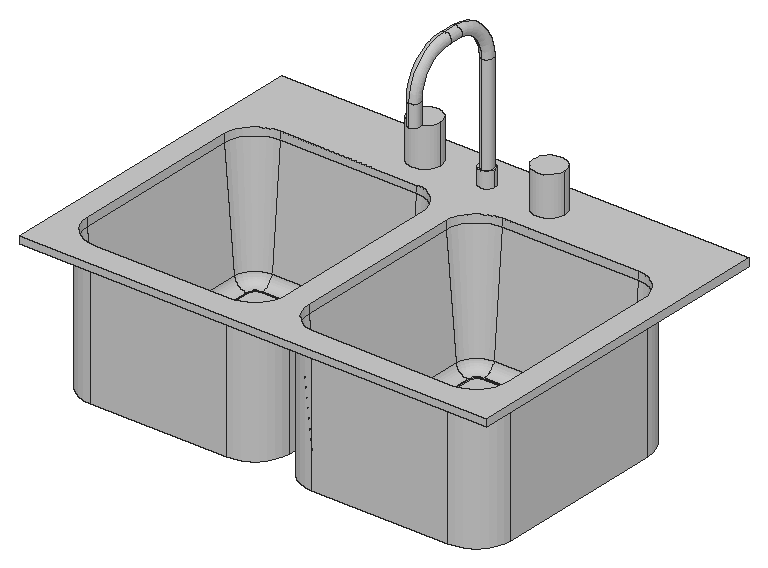
Revit family "Sink Kitchen-Double", category Plumbing Fixtures, Revit 2023
Family settings
  Round Connector Dimension = Use Diameter
  Part Type = Normal
  OmniClass Number = 23.45.05.14.14
  OmniClass Title = Sinks/Lavatories
  Work Plane-Based = No
  Enable Cutting in Views = No
  Always vertical = Yes
  Cut with Voids When Loaded = No
  Maintain Annotation Orientation = No
  Shared = Yes
  Room Calculation Point = No
Parameters (values of type "42" x 21"")
  Default Elevation = 0' - 0"
  Assembly Code = "D2010410"
  Counter Height = 3' - 0"
  Depth = 1' - 9"
  Faucet Material = Steel, Polished
  Sink Material = Steel, Polished
  Width = 2' - 6"
Reference planes (in)
  plane 1 "Center (Front/Back)": y = -1.40766
  plane 2: z = 0
  plane 3 "Center (Left/Right)": x = 0.61769
  plane 4: y = 10.59234
  plane 5: y = -10.40766
  plane 6: x = -14.38231
  plane 7: x = 15.61769
  plane 8 "Top Of Counter": z = 36
  plane 9: z = 36.5
  plane 10: z = 27.5
  plane 11: y = 6.09234
  plane 12: x = -12.88231
  plane 13: y = -8.90766
  plane 14: x = 14.11769
  plane 15: x = -3.38231
  plane 16: x = 4.61769
  plane 17: y = 8.34234
  plane 18: y = 8.34234
  plane 19: y = 8.34234
  plane 20: z = 46.375
  plane 21: y = 2.46734
  plane 22: z = 39
  plane 23: z = 37.5
  plane 24: x = -0.13231
  plane 25: x = 1.36769
  plane 26: x = -6.13231
  plane 27: x = 7.36769
  plane 28: z = 27.875
Forms (in)
  Extrusion 1, solid, material "Steel, Polished" <- "Sink Material"
    sketch origin (0, 0, 0) x (1, 0, 0) y (0, 1, 0)
      loop
        line (-14.38231, 10.59234) -> (-14.38231, -10.40766) -> (15.61769, -10.40766) -> (15.61769, 10.59234) -> (-14.38231, 10.59234)
      loop
        arc (-10.88231, 6.09234) -> (-12.29653, 5.50655) -> (-12.88231, 4.09234) r 2
        line (-12.88231, 4.09234) -> (-12.88231, -6.90766)
        arc (-12.88231, -6.90766) -> (-12.29653, -8.32187) -> (-10.88231, -8.90766) r 2
        line (-10.88231, -8.90766) -> (-2.13231, -8.90766)
        arc (-2.13231, -8.90766) -> (-0.7181, -8.32187) -> (-0.13231, -6.90766) r 2
        line (-0.13231, -6.90766) -> (-0.13231, 4.09234)
        arc (-0.13231, 4.09234) -> (-0.7181, 5.50655) -> (-2.13231, 6.09234) r 2
        line (-2.13231, 6.09234) -> (-10.88231, 6.09234)
      loop
        arc (12.11769, -8.90766) -> (13.5319, -8.32187) -> (14.11769, -6.90766) r 2
        line (14.11769, -6.90766) -> (14.11769, 4.09234)
        arc (14.11769, 4.09234) -> (13.5319, 5.50655) -> (12.11769, 6.09234) r 2
        line (12.11769, 6.09234) -> (3.36769, 6.09234)
        arc (3.36769, 6.09234) -> (1.95347, 5.50655) -> (1.36769, 4.09234) r 2
        line (1.36769, 4.09234) -> (1.36769, -6.90766)
        arc (1.36769, -6.90766) -> (1.95347, -8.32187) -> (3.36769, -8.90766) r 2
        line (3.36769, -8.90766) -> (12.11769, -8.90766)
    from 36 to 36.5
  Sweep 2, solid, material "Steel, Polished" <- "Sink Material"
    path origin (0, 0, 0) x (1, 0, 0) y (0, 1, 0)
      loop
        arc (-10.88231, 6.09234) -> (-12.29653, 5.50655) -> (-12.88231, 4.09234) r 2
        line (-12.88231, 4.09234) -> (-12.88231, -6.90766)
        arc (-12.88231, -6.90766) -> (-12.29653, -8.32187) -> (-10.88231, -8.90766) r 2
        line (-10.88231, -8.90766) -> (-2.13231, -8.90766)
        arc (-2.13231, -8.90766) -> (-0.7181, -8.32187) -> (-0.13231, -6.90766) r 2
        line (-0.13231, -6.90766) -> (-0.13231, 4.09234)
        arc (-0.13231, 4.09234) -> (-0.7181, 5.50655) -> (-2.13231, 6.09234) r 2
        line (-2.13231, 6.09234) -> (-10.88231, 6.09234)
    profile origin (-6.50731, 0, 0) x (0, 1, 0) y (0, 0, 1)
      loop
        line (6.09234, 36) -> (5.44139, 28.55963)
        arc (5.44139, 28.55963) -> (5.20094, 28.07204) -> (4.69424, 27.875) r 0.75
        line (4.69424, 27.875) -> (4.59234, 27.875) -> (4.59234, 27.5) -> (6.34234, 27.5) -> (6.34234, 36) -> (6.09234, 36)
  Extrusion 3, solid, material "Steel, Polished" <- "Sink Material"
    sketch origin (0, 0, 0) x (1, 0, 0) y (0, 1, 0)
      loop
        arc (-10.88231, 4.59234) -> (-11.23587, 4.44589) -> (-11.38231, 4.09234) r 0.5
        line (-11.38231, 4.09234) -> (-11.38231, -6.90766)
        arc (-11.38231, -6.90766) -> (-11.23587, -7.26121) -> (-10.88231, -7.40766) r 0.5
        line (-10.88231, -7.40766) -> (-2.13231, -7.40766)
        arc (-2.13231, -7.40766) -> (-1.77876, -7.26121) -> (-1.63231, -6.90766) r 0.5
        line (-1.63231, -6.90766) -> (-1.63231, 4.09234)
        arc (-1.63231, 4.09234) -> (-1.77876, 4.44589) -> (-2.13231, 4.59234) r 0.5
        line (-2.13231, 4.59234) -> (-10.88231, 4.59234)
      loop
        circle (-6.13231, -1.40766) r 1
    from 27.5 to 27.875
  Extrusion 4, solid, material "Steel, Polished" <- "Faucet Material"
    sketch origin (0, 0, 0) x (1, 0, 0) y (0, 1, 0)
      loop
        circle (-3.38231, 8.34234) r 1
      loop
        circle (4.61769, 8.34234) r 1
    from 36.5 to 39
  Sweep 5, solid, material "Steel, Polished" <- "Faucet Material"
    path origin (0.61769, 0, 0) x (0, 1, 0) y (0, 0, 1)
      loop
        line (8.34234, 36.5) -> (8.34234, 43.875)
        arc (8.34234, 43.875) -> (7.61011, 45.64277) -> (5.84234, 46.375) r 2.5
        line (5.84234, 46.375) -> (4.96734, 46.375)
        arc (4.96734, 46.375) -> (3.19957, 45.64277) -> (2.46734, 43.875) r 2.5
        line (2.46734, 43.875) -> (2.46734, 42.5)
    profile origin (0.61769, 0, 40.1875) x (0, -1, 0) y (1, 0, 0)
      loop
        circle (-8.34234, 0) r 0.375
  Extrusion 6, solid, material "Steel, Polished" <- "Faucet Material"
    sketch origin (0, 0, 0) x (1, 0, 0) y (0, 1, 0)
      loop
        circle (0.61769, 8.34234) r 0.5
    from 36.5 to 37.5
  Sweep 7, solid, material "Steel, Polished" <- "Sink Material"
    path origin (1.23537, 0, 0) x (-1, 0, 0) y (0, -1, 0)
      loop
        line (-10.88231, -6.09234) -> (-2.13231, -6.09234)
        arc (-2.13231, -6.09234) -> (-0.7181, -5.50655) -> (-0.13231, -4.09234) r 2
        line (-0.13231, -4.09234) -> (-0.13231, 6.90766)
        arc (-0.13231, 6.90766) -> (-0.7181, 8.32187) -> (-2.13231, 8.90766) r 2
        line (-2.13231, 8.90766) -> (-10.88231, 8.90766)
        arc (-10.88231, 8.90766) -> (-12.29653, 8.32187) -> (-12.88231, 6.90766) r 2
        line (-12.88231, 6.90766) -> (-12.88231, -4.09234)
        arc (-12.88231, -4.09234) -> (-12.29653, -5.50655) -> (-10.88231, -6.09234) r 2
    profile origin (7.74269, 0, 0) x (0, -1, 0) y (0, 0, 1)
      loop
        line (-6.09234, 36) -> (-6.34234, 36) -> (-6.34234, 27.5) -> (-4.59234, 27.5) -> (-4.59234, 27.875) -> (-4.69424, 27.875)
        arc (-4.69424, 27.875) -> (-5.20094, 28.07204) -> (-5.44139, 28.55963) r 0.75
        line (-5.44139, 28.55963) -> (-6.09234, 36)
  Extrusion 8, solid, material "Steel, Polished" <- "Sink Material"
    sketch origin (0, 0, 0) x (1, 0, 0) y (0, 1, 0)
      loop
        arc (3.36769, 4.69424) -> (3.01413, 4.5478) -> (2.86769, 4.19424) r 0.5
        line (2.86769, 4.19424) -> (2.86769, -6.90766)
        arc (2.86769, -6.90766) -> (3.01413, -7.26121) -> (3.36769, -7.40766) r 0.5
        line (3.36769, -7.40766) -> (12.11769, -7.40766)
        arc (12.11769, -7.40766) -> (12.47124, -7.26121) -> (12.61769, -6.90766) r 0.5
        line (12.61769, -6.90766) -> (12.61769, 4.19424)
        arc (12.61769, 4.19424) -> (12.47124, 4.5478) -> (12.11769, 4.69424) r 0.5
        line (12.11769, 4.69424) -> (3.36769, 4.69424)
      loop
        circle (7.36769, -1.40766) r 1
    from 27.5 to 27.875
Cuts and joins
  joined: Extrusion 1, Sweep 2, Sweep 7
  joined: Sweep 5, Extrusion 6
Lines and regions (in)
  Masking region 1
    outline origin (0, 0, 36) x (0, -1, 0) y (1, 0, 0)
      loop
        line (-10.59234, -14.38231) -> (10.40766, -14.38231) -> (10.40766, 15.61769) -> (-10.59234, 15.61769) -> (-10.59234, -14.38231)
  symbolic lines
    curve 1: line (-12.88231, 4.09234, 36) -> (-12.88231, -6.90766, 36)
    curve 2: line (-10.88231, -8.90766, 36) -> (-2.13231, -8.90766, 36)
    curve 3: line (14.11769, -6.90766, 36) -> (14.11769, 4.09234, 36)
    curve 4: line (12.11769, 6.09234, 36) -> (3.36769, 6.09234, 36)
    curve 5: arc (14.11769, 4.09234, 36) -> (13.5319, 5.50655, 36) -> (12.11769, 6.09234, 36) r 2
    curve 6: arc (12.11769, -8.90766, 36) -> (13.5319, -8.32187, 36) -> (14.11769, -6.90766, 36) r 2
    curve 7: arc (-12.88231, -6.90766, 36) -> (-12.29653, -8.32187, 36) -> (-10.88231, -8.90766, 36) r 2
    curve 8: arc (-10.88231, 6.09234, 36) -> (-12.29653, 5.50655, 36) -> (-12.88231, 4.09234, 36) r 2
    curve 9: arc (1.11769, 8.34234, 36) -> (0.61769, 8.84234, 36) -> (0.11769, 8.34234, 36) r 0.5
    curve 10: line (0.11769, 8.34234, 36) -> (0.11769, 0.59234, 36)
    curve 11: line (1.11769, 8.34234, 36) -> (1.11769, 0.59234, 36)
    curve 12: arc (1.11769, 0.59234, 36) -> (0.61769, 0.09234, 36) -> (0.11769, 0.59234, 36) r 0.5
    curve 13: line (-0.13231, 4.09234, 36) -> (-0.13231, -6.90766, 36)
    curve 14: line (1.36769, 4.09234, 36) -> (1.36769, -6.90766, 36)
    curve 15: line (3.36769, -8.90766, 36) -> (12.11769, -8.90766, 36)
    curve 16: line (-2.13231, 6.09234, 36) -> (-10.88231, 6.09234, 36)
    curve 17: arc (3.36769, 6.09234, 36) -> (1.95347, 5.50655, 36) -> (1.36769, 4.09234, 36) r 2
    curve 18: arc (1.36769, -6.90766, 36) -> (1.95347, -8.32187, 36) -> (3.36769, -8.90766, 36) r 2
    curve 19: arc (-0.13231, -6.90766, 36) -> (-0.7181, -8.32187, 36) -> (-2.13231, -8.90766, 36) r 2
    curve 20: arc (-0.13231, 4.09234, 36) -> (-0.7181, 5.50655, 36) -> (-2.13231, 6.09234, 36) r 2
    curve 21: arc (-7.13231, -1.40766, 36) -> (-6.13231, -0.40766, 36) -> (-5.13231, -1.40766, 36) r 1
    curve 22: arc (-5.13231, -1.40766, 36) -> (-6.13231, -2.40766, 36) -> (-7.13231, -1.40766, 36) r 1
    curve 23: arc (6.36769, -1.40766, 36) -> (7.36769, -0.40766, 36) -> (8.36769, -1.40766, 36) r 1
    curve 24: arc (8.36769, -1.40766, 36) -> (7.36769, -2.40766, 36) -> (6.36769, -1.40766, 36) r 1
    curve 25: arc (-4.38231, 8.34234, 36) -> (-3.38231, 7.34234, 36) -> (-2.38231, 8.34234, 36) r 1
    curve 26: arc (-2.38231, 8.34234, 36) -> (-3.38231, 9.34234, 36) -> (-4.38231, 8.34234, 36) r 1
    curve 27: arc (3.61769, 8.34234, 36) -> (4.61769, 7.34234, 36) -> (5.61769, 8.34234, 36) r 1
    curve 28: arc (5.61769, 8.34234, 36) -> (4.61769, 9.34234, 36) -> (3.61769, 8.34234, 36) r 1
Dimensions and locks (in)
  equal spacing: plane 6, plane 3 "Center (Left/Right)", plane 7
  "Width": plane 6 to plane 7
  "Depth": plane 5 to plane 4
  "Counter Height": plane 8 "Top Of Counter" to plane 2
  locked: plane 9 to plane 8 "Top Of Counter" at 0.5
  locked: plane 8 "Top Of Counter" to plane 10 at 8.5
  locked: plane 6 to plane 12 at 1.5
  locked: plane 14 to plane 7 at 1.5
  locked: plane 11 to plane 4 at 4.5
  locked: plane 5 to plane 13 at 1.5
  equal spacing: plane 11, plane 17, plane 4
  equal spacing: plane 11, plane 18, plane 4
  equal spacing: plane 4, plane 19, plane 11
  locked: plane 19 to plane 21 at 5.875
  locked: plane 20 to plane 9 at 9.875
  locked: plane 22 to plane 9 at 2.5
  locked: plane 23 to plane 9 at 1
  plane 24 to plane 3 "Center (Left/Right)" to plane 25 = 0' - 0 3/4" locked, 0' - 0 3/4" locked
  equal spacing: plane 12, plane 26, plane 3 "Center (Left/Right)"
  equal spacing: plane 3 "Center (Left/Right)", plane 27, plane 14
  equal spacing: plane 13, plane 1 "Center (Front/Back)", plane 11
  locked: plane 15 to plane 3 "Center (Left/Right)" at 4
  locked: plane 3 "Center (Left/Right)" to plane 16 at 4
  locked: plane 28 to plane 10 at 0.375
  aligned and locked: Extrusion 1 sketch curve to plane 5
  aligned and locked: plane 7 to Extrusion 1 sketch curve
  aligned and locked: plane 4 to Extrusion 1 sketch curve
  aligned and locked: Extrusion 1 sketch curve to plane 6
  aligned and locked: plane 8 "Top Of Counter" to Extrusion 1
  aligned and locked: Extrusion 1 to plane 9
  aligned and locked: plane 11 to Extrusion 1 sketch curve
  aligned and locked: plane 14 to Extrusion 1 sketch curve
  aligned and locked: Extrusion 1 sketch curve to plane 12
  aligned and locked: Extrusion 1 sketch curve to plane 13
  aligned and locked: plane 11 to Sweep 2 sketch curve
  aligned and locked: Sweep 2 sketch curve to plane 12
  aligned and locked: Sweep 2 sketch curve to plane 13
  aligned and locked: Sweep 2 to Extrusion 3 sketch curve  (x4)
  aligned and locked: plane 10 to Extrusion 3
  aligned and locked: Sweep 2 sketch curve to plane 10
  aligned and locked: plane 8 "Top Of Counter" to Sweep 2 sketch curve
  aligned and locked: Extrusion 4 to Extrusion 1
  aligned and locked: Extrusion 6 to Extrusion 1
  aligned and locked: Sweep 5 sketch curve to plane 19
  aligned and locked: plane 20 to Sweep 5 sketch curve
  aligned and locked: plane 21 to Sweep 5 sketch curve
  aligned and locked: Extrusion 4 to plane 22
  aligned and locked: Extrusion 6 to plane 23
  aligned and locked: Sweep 2 sketch curve to Extrusion 1
  aligned and locked: Sweep 7 sketch curve to plane 14
  aligned and locked: Sweep 7 sketch curve to Extrusion 1
  aligned and locked: Sweep 7 sketch curve to plane 11
  aligned and locked: plane 13 to Sweep 7 sketch curve
  aligned and locked: plane 10 to Extrusion 8
  aligned and locked: curve 21 to Extrusion 3
  aligned and locked: curve 23 to Extrusion 8
  aligned and locked: Extrusion 8 sketch curve to Sweep 7
  aligned and locked: Sweep 7 sketch curve to plane 8 "Top Of Counter"
  aligned and locked: plane 10 to Sweep 7 sketch curve
  aligned and locked: plane 4 to Masking region 1 sketch curve
  aligned and locked: plane 7 to Masking region 1 sketch curve
  aligned and locked: Masking region 1 sketch curve to plane 5
  aligned and locked: Masking region 1 sketch curve to plane 6
  aligned and locked: plane 15 to Extrusion 4 sketch curve
  aligned and locked: plane 17 to Extrusion 4 sketch curve  (x2)
  aligned and locked: plane 16 to Extrusion 4 sketch curve
  aligned and locked: curve 25 to Extrusion 4
  aligned and locked: curve 27 to Extrusion 4
  aligned and locked: Extrusion 3 to plane 28
  aligned and locked: Extrusion 8 to plane 28
Automatic sketch dimensions
  Sweep 2 sketch curve to profile plane = 0' - 0"
  profile plane to Sweep 2 sketch curve = 0' - 0.65095"
  Sweep 2 sketch curve to Sweep 2 sketch curve = 0' - 0.74715"
  Sweep 2 sketch curve to Sweep 2 sketch curve = 0' - 0.10191"
  Sweep 2 sketch curve to profile plane = 0' - 0 1/4"
  Sweep 2 sketch curve to Sweep 2 sketch curve = 0' - 0 3/8"
  Sweep 2 sketch curve to Sweep 2 sketch curve = 0' - 0.68463"
  plane 15 to Extrusion 4 sketch curve = 0' - 1"
  plane 16 to Extrusion 4 sketch curve = 0' - 1"
  Sweep 5 sketch curve to plane 3 "Center (Left/Right)" = 0' - 0"
  Sweep 5 sketch curve to profile plane = 0' - 0"
  profile plane to Sweep 5 sketch curve = 0' - 0 3/8"
  Extrusion 6 sketch curve to plane 18 = 0' - 0"
  Extrusion 6 sketch curve to plane 3 "Center (Left/Right)" = 0' - 0"
  Extrusion 6 sketch curve to plane 3 "Center (Left/Right)" = 0' - 0 1/2"
  Sweep 5 sketch curve to plane 9 = 0' - 0"
  Sweep 5 sketch curve to Sweep 5 sketch curve = 0' - 2 1/2"
  plane 11 to Sweep 5 sketch curve = 0' - 0 1/4"
  Sweep 5 sketch curve to Sweep 5 sketch curve = 0' - 1 3/8"
  Extrusion 1 sketch curve to plane 13 = 0' - 0"
  Extrusion 1 sketch curve to plane 24 = 0' - 0"
  Extrusion 1 sketch curve to plane 25 = 0' - 0"
  Extrusion 1 sketch curve to plane 11 = 0' - 0"
  Extrusion 1 sketch curve to plane 12 = 0' - 2"  (x2)
  Extrusion 1 sketch curve to plane 3 "Center (Left/Right)" = 0' - 2 3/4"  (x2)
  plane 3 "Center (Left/Right)" to Extrusion 1 sketch curve = 0' - 2 3/4"  (x2)
  plane 14 to Extrusion 1 sketch curve = 0' - 2"
  Extrusion 1 sketch curve to Extrusion 1 sketch curve = 0' - 2"
  Sweep 2 sketch curve to plane 12 = 0' - 2"  (x2)
  Sweep 2 sketch curve to plane 3 "Center (Left/Right)" = 0' - 2 3/4"  (x2)
  plane 14 to Sweep 7 sketch curve = 0' - 2"  (x2)
  Sweep 7 sketch curve to Sweep 7 sketch curve = 0' - 2"
  plane 3 "Center (Left/Right)" to Sweep 7 sketch curve = 0' - 2 3/4"
  Extrusion 3 sketch curve to plane 1 "Center (Front/Back)" = 0' - 0"
  Extrusion 3 sketch curve to plane 26 = 0' - 0"
  Extrusion 3 sketch curve to Extrusion 3 sketch curve = 0' - 0 1/2"  (x4)
  plane 26 to Extrusion 3 sketch curve = 0' - 1"
  Extrusion 8 sketch curve to plane 1 "Center (Front/Back)" = 0' - 0"
  Extrusion 8 sketch curve to plane 27 = 0' - 0"
  plane 27 to Extrusion 8 sketch curve = 0' - 1"
  plane 3 "Center (Left/Right)" to Extrusion 8 sketch curve = 0' - 2 3/4"  (x2)
  Extrusion 8 sketch curve to Extrusion 8 sketch curve = 0' - 0 1/2"  (x2)
  plane 11 to Extrusion 8 sketch curve = 0' - 1.89809"
  Extrusion 8 sketch curve to plane 13 = 0' - 2"
  plane 7 to Extrusion 8 sketch curve = 0' - 3 1/2"
  Sweep 7 sketch curve to profile plane = 0' - 0"
  profile plane to Sweep 7 sketch curve = 0' - 0 1/4"
  Sweep 7 sketch curve to profile plane = 0' - 0.65095"
  Sweep 7 sketch curve to Sweep 7 sketch curve = 0' - 0.74715"
  Sweep 7 sketch curve to Sweep 7 sketch curve = 0' - 0.10191"
  Sweep 7 sketch curve to Sweep 7 sketch curve = 0' - 0.06537"
  Sweep 7 sketch curve to Sweep 7 sketch curve = 0' - 1.05963"
  curve 20 to plane 11 = 0' - 0"
  curve 17 to plane 11 = 0' - 0"
  curve 5 to plane 14 = 0' - 0"
  curve 1 to plane 12 = 0' - 0"
  curve 12 to plane 3 "Center (Left/Right)" = 0' - 0"
  curve 7 to plane 13 = 0' - 0"
  curve 18 to plane 13 = 0' - 0"
  plane 4 to curve 11 = 0' - 2 1/4"
  plane 11 to curve 5 = 0' - 2"
  plane 11 to curve 8 = 0' - 2"
  curve 13 to plane 3 "Center (Left/Right)" = 0' - 0 3/4"
  curve 14 to curve 13 = 0' - 0"
  curve 11 to plane 1 "Center (Front/Back)" = 0' - 2"
  plane 3 "Center (Left/Right)" to curve 14 = 0' - 0 3/4"
  curve 14 to plane 13 = 0' - 2"
  curve 13 to curve 14 = 0' - 0"
  curve 1 to plane 13 = 0' - 2"
  curve 6 to plane 13 = 0' - 2"
  curve 9 to plane 3 "Center (Left/Right)" = 0' - 0 1/2"
  curve 4 to curve 27 = 0' - 0 1/4"
Connectors (in)
  piping at (-6.13231, -1.40766, 27.5), diameter 2
    settings: on Extrusion 3, index 1, connector inside diameter 24", connector length 0' - 0", flow factor 0, pipe flow 0 GPM, pressure drop 0.00 psi, fitting loss kfactor 0, connector angle 0.00°, fixture units 0, engagement length 0' - 0", angle of deflection 0.00°, flow configuration 3, flow direction 2, fitting loss method 4, system type 16, joint type 0, gender type 0, connector reference index -1, connector utility 0, adjustable connector no, is connector primary yes, connector description ""
